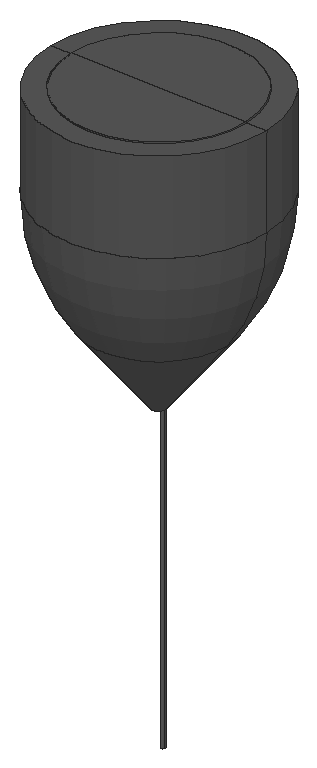
Revit family "Electronics_Desono_Biamp_Two-Way-High-Output-Pendant-Mount-Loudspeaker_DP6", category Communication Devices, host Face, Revit 2020
Family settings
  Host = Face
  Maintain Annotation Orientation = No
  Round Connector Dimension = Use Diameter
  Part Type = Normal
  OmniClass Number = 23.85.10.11.14.14.14
  OmniClass Title = Loudspeakers
  Cut with Voids When Loaded = No
  Shared = No
  Room Calculation Point = No
Parameters (values of type "DP6 B")
  Weight = 11.905 lbf  # constant formula
  URL = "https://www.biamp.com/"
  Transformer Taps = "70V:60W, 30W, 15W, 7.5W and low impedance; 100V:60W, 30W, 15W"  # constant formula
  Sensitivity (1W/1m) = "94 dB SPL (125 Hz to 12.5 kHz 1/3 octave bands) 92 dB SPL (250 Hz to 4 kHz speech range)"  # constant formula
  Safety Cable On [instance] = no
  Recommended Signal Processing = "65 Hz high pass filter"  # constant formula
  Product data url = "https://www.bimobject.com/biamp/product/dp6_desono-pendant"
  Product Page URL = "https://www.biamp.com/products/product-families/desono/pendant-loudspeakers#dp6"
  Product Documentation Link = "https://downloads.biamp.com/assets/docs/default-source/data-sheets/biamp_data_sheet_desono_dp6.pdf"
  Pendant Length [instance] = 1' - 3 191/256"
  Operating Range = "60 Hz - 22 kHz"  # constant formula
  Nominal Impedance = "8 ohms"  # constant formula
  Nominal Coverage = "115º conical (1 kHz to 6 kHz) 125º conical (500 Hz to 6 kHz)"  # constant formula
  Nom Pendant Length [instance] = if(or(Pendant Length < 0' 1", Pendant Length = 0' 1"), 0' 1", if(and(Pendant Length > 0' 1", Pendant Length < 16' 4"), Pendant Length, if(or(Pendant Length > 16' 4", Pendant Length = 16' 4"), 16' 4", 0' 0")))  # 1' - 3 191/256"
  Mounting/Rigging Provisions = "Two PHK-15 pendant hang kits (one for main suspension and one as a safety cable), each including 15ft (4.5m) long 2mm (0.77) high tensile galvanized steel wire rope suspension cables with integrated spring clips for attaching the cable to the loudspeaker bracket and Gripple® brand adjustable height cable fasteners"  # constant formula
  Model = "DP6 B"
  Minimum Impedance = "6.9 ohms @ 210 Hz"  # constant formula
  Min Pendant Length [instance] = 0' - 1"  # constant formula
  Maximum Output = "114 dB SPL / 120 dB SPL (peak 8 ohm)"  # constant formula
  Max Pendant Length [instance] = 16' - 4"  # constant formula
  Max Input Ratings (8 ohm) = "100W continuous, 250W program 28 volts RMS, 63 volts momentary peak"  # constant formula
  Manufacturer = "Biamp"  # constant formula
  Loudspeaker Type = "Two-way, full-range, coaxial pendant mount loudspeaker, 8 ohm or 70V/100V operation"  # constant formula
  Input Connection = "Two 2-position Euroblock connectors"  # constant formula
  Housing Material = Biamp - Plastic - Black
  Height = 1' - 2.73228"  # constant formula
  Grill Material = Biamp - Plastic - Black(Grid)
  Frequency Response = "80 Hz - 20 kHz (± 5dB)"  # constant formula
  Enclosure = "UL 94V-0 rated ABS plastic, matte finish, paintable"  # constant formula
  Drivers = "LF 1 x 6.5-inch HF 1 x 1-inch exit compression driver "  # constant formula
  Driver Protection = "Self-resetting solid state circuit breaker"  # constant formula
  Distortion - 10% Full Power = "2nd Harmonic: 500Hz-1.74%;2kHz-1.18%;8kHz-0.77% 3rd Harmonic: 500Hz-1.19%;2kHz-0.35%;8kHz-0.04%"  # constant formula
  Diameter = 0' - 11.22047"  # constant formula
  Description = "Desono™ DP6 Two-Way 6.5-Inch High Output Pendant Mount Loudspeaker"  # constant formula
  Default Elevation = 4' - 0"
  Crossover Frequency = "1.2 kHz"  # constant formula
  Controls = "Front-face wattage / low impedance selector switch"  # constant formula
  Connector Description = "Terminal block; Low Impedance 8 ohms, 70/100V operation"  # constant formula
  Bracket Material = Biamp - Metal - Black
  Axial Q / DI = "4.7 / 6.7, 500 Hz to 6 kHz"  # constant formula
Types (2): name | Pendant Length | Nom Pendant Length | Model | Housing Material | Grill Material | Bracket Material
  DP6 W | 1' - 3.74803" | 1' - 3.74803" | "DP6 W" | Biamp - Plastic - White | Biamp - Plastic - White(Grid) | Biamp - Metal - White
  DP6 B | 1' - 3 191/256" | 1' - 3 191/256" | "DP6 B" | Biamp - Plastic - Black | Biamp - Plastic - Black(Grid) | Biamp - Metal - Black
Reference planes (in)
  plane 1 "Center (Front/Back)": y = 0
  plane 2: z = 0
  plane 3 "Center (Left/Right)": x = 0
Forms (in)
  Extrusion 1, solid, material "Biamp - Metal - Black" <- "Bracket Material", visible <- "Safety Cable On"
    sketch origin (-0.10547, 0, 0) x (-1, 0, 0) y (0, -1, 0)
      loop
        circle (0.11719, 0) r 0.09843
    from 0 to 15.74609
  Revolve 2, solid, material "Biamp - Plastic - Black" <- "Housing Material", detail levels coarse
    sketch origin (-3.83416, 0, 15.74609) x (1, 0, 0) y (0, 0, 1)
      loop
        line (3.83416, 0) -> (3.83416, 14.73228) -> (-1.77608, 14.73228) -> (-1.77608, 9.98563)
        arc (-1.77608, 9.98563) -> (-1.25057, 6.8453) -> (0.2687, 4.04716) r 9.64567
        line (0.2687, 4.04716) -> (3.43069, 0) -> (3.83416, 0)
      axis (3.83416, 0) -> (3.83416, 14.73228)
    angle from 0 to 360
  Sweep 3, void
    path origin (-3.83416, 0, 15.74609) x (1, 0, 0) y (0, 0, 1)
      loop
        line (3.83416, -0.14171) -> (3.83416, 0.0323)
    profile origin (0, 0, 15.69139) x (-1, 0, 0) y (0, -1, 0)
      loop
        circle (0, 0) r 0.11811
  Revolve 4, solid, material "Biamp - Plastic - Black" <- "Housing Material", detail levels medium+fine
    sketch origin (-3.83416, 0, 15.74609) x (1, 0, 0) y (0, 0, 1)
      loop
        line (3.83416, 0) -> (3.83416, 14.33858) -> (-0.6934, 14.33858) -> (-0.6934, 14.73228) -> (-1.77608, 14.73228) -> (-1.77608, 9.98563)
        arc (-1.77608, 9.98563) -> (-1.25057, 6.8453) -> (0.2687, 4.04716) r 9.64567
        line (0.2687, 4.04716) -> (3.43069, 0) -> (3.83416, 0)
      axis (3.83416, 0) -> (3.83416, 14.73228)
    angle from 0 to 360
  Revolve 5, solid, material "Biamp - Plastic - Black(Grid)" <- "Grill Material", detail levels medium+fine
    sketch origin (-3.83416, 0, 15.74609) x (1, 0, 0) y (0, 0, 1)
      loop
        line (3.83416, 14.33858) -> (3.83416, 14.76772) -> (-0.6934, 14.76772) -> (-0.6934, 14.33858) -> (3.83416, 14.33858)
      axis (3.83416, 14.33858) -> (3.83416, 14.76772)
    angle from 0 to 360
  Extrusion 6, solid, material "Biamp - Metal - Black" <- "Bracket Material"
    sketch origin (0.10547, 0, 0) x (1, 0, 0) y (0, 1, 0)
      loop
        circle (0.11719, 0) r 0.09843
    from 0 to 15.74609
Cuts and joins
  Sweep 3 cuts Revolve 2
  Sweep 3 cuts Revolve 4
Lines and regions (in)
  Masking region 1
    outline origin (0, 0, 0) x (1, 0, 0) y (0, 1, 0)
      loop
        circle (0, 0) r 5.61024
  Masking region 2
    outline origin (-3.83416, 0, 15.74609) x (1, 0, 0) y (0, 0, 1)
      loop
        line (3.93259, 0) -> (3.73574, 0) -> (3.73574, -15.74609) -> (3.93259, -15.74609) -> (3.93259, 0)
  Masking region 3
    outline origin (-3.83416, 0, 15.74609) x (1, 0, 0) y (0, 0, 1)
      loop
        line (-1.77608, 14.73228) -> (-1.77608, 9.88223)
        arc (-1.77608, 9.88223) -> (-1.26693, 6.83967) -> (0.20505, 4.12864) r 9.34538
        line (0.20505, 4.12864) -> (3.43069, 0) -> (4.23763, 0) -> (7.46328, 4.12864)
        arc (7.46328, 4.12864) -> (8.93525, 6.83967) -> (9.4444, 9.88223) r 9.34538
        line (9.4444, 9.88223) -> (9.4444, 14.73228) -> (-1.77608, 14.73228)
  reference lines
    curve 1: line (-3.83416, 0, 15.74609) -> (3.25245, 0, 15.74609)
Dimensions and locks (in)
  "Nom Pendant Length": curve 1 to plane 2
  aligned and locked: plane 2 to host face
  aligned and locked: level to host face
  aligned and locked: Extrusion 1 to curve 1
  aligned and locked: Masking region 2 sketch curve to curve 1
  aligned and locked: Masking region 2 sketch curve to plane 2
  aligned and locked: Extrusion 6 to curve 1
Automatic sketch dimensions
  host sketch curve to host sketch curve = 8' - 0"  (x2)
  plane 1 "Center (Front/Back)" to Extrusion 1 sketch curve = 0' - 0"
  plane 3 "Center (Left/Right)" to Extrusion 1 sketch curve = 0' - 0 57/256"
  Revolve 2 sketch curve to curve 1 = 0' - 0"  (x2)
  Revolve 2 sketch curve to curve 1 = 0' - 1.77608"
  curve 1 to Revolve 2 sketch curve = 0' - 0.2687"
  curve 1 to Revolve 2 sketch curve = 0' - 3.43069"
  Revolve 2 sketch curve to curve 1 = 0' - 3.25245"
  curve 1 to Revolve 2 sketch curve = 0' - 0.78298"
  curve 1 to Revolve 2 sketch curve = 0' - 4.04716"
  curve 1 to Revolve 2 sketch curve = 1' - 2.73228"
  Revolve 2 sketch curve to Revolve 2 sketch curve = 0' - 0"
  Revolve 2 sketch curve to curve 1 = 0' - 3.14961"
  Masking region 1 sketch curve to Masking region 1 sketch curve = 0' - 0"  (x2)
  plane 1 "Center (Front/Back)" to Masking region 1 sketch curve = 0' - 0"
  Masking region 1 sketch curve to plane 3 "Center (Left/Right)" = 0' - 0"
  Masking region 1 sketch curve to Masking region 1 sketch curve = 0' - 5.61024"
  Masking region 2 sketch curve to curve 1 = 0' - 3.35088"
  Masking region 2 sketch curve to Masking region 2 sketch curve = 0' - 0.19685"
  Sweep 3 sketch curve to curve 1 = 0' - 0.0323"
  Sweep 3 sketch curve to curve 1 = 0' - 3.25245"
  curve 1 to Sweep 3 sketch curve = 0' - 0.14171"
  Sweep 3 sketch curve to profile plane = 0' - 0"
  profile plane to Sweep 3 sketch curve = 0' - 0"
  Revolve 4 sketch curve to curve 1 = 0' - 0"  (x2)
  Revolve 4 sketch curve to curve 1 = 0' - 1.77608"
  Revolve 4 sketch curve to curve 1 = 0' - 0.6934"
  curve 1 to Revolve 4 sketch curve = 0' - 0.2687"
  curve 1 to Revolve 4 sketch curve = 0' - 3.43069"
  Revolve 4 sketch curve to curve 1 = 0' - 3.25245"
  curve 1 to Revolve 4 sketch curve = 0' - 0.78298"
  curve 1 to Revolve 4 sketch curve = 0' - 4.04716"
  curve 1 to Revolve 4 sketch curve = 1' - 2.33858"
  Revolve 4 sketch curve to Revolve 4 sketch curve = 0' - 0.3937"
  Revolve 4 sketch curve to Revolve 4 sketch curve = 0' - 0"
  Revolve 4 sketch curve to curve 1 = 0' - 3.14961"
  Revolve 5 sketch curve to curve 1 = 0' - 0"
  Revolve 5 sketch curve to curve 1 = 0' - 0.6934"
  Revolve 5 sketch curve to curve 1 = 0' - 3.25245"  (x2)
  curve 1 to Revolve 5 sketch curve = 1' - 2.33858"
  Revolve 5 sketch curve to Revolve 5 sketch curve = 0' - 0.42913"
  Revolve 5 sketch curve to curve 1 = 0' - 3.14961"
  Masking region 3 sketch curve to curve 1 = 0' - 0"
  Masking region 3 sketch curve to curve 1 = 0' - 1.77608"
  curve 1 to Masking region 3 sketch curve = 0' - 0.09901"
  curve 1 to Masking region 3 sketch curve = 0' - 0.20505"
  curve 1 to Masking region 3 sketch curve = 0' - 3.43069"
  Masking region 3 sketch curve to Masking region 3 sketch curve = 0' - 0.80694"
  curve 1 to Masking region 3 sketch curve = 0' - 0.37666"
  curve 1 to Masking region 3 sketch curve = 0' - 0.48269"
  curve 1 to Masking region 3 sketch curve = 0' - 2.35778"
  curve 1 to Masking region 3 sketch curve = 0' - 4.12864"  (x2)
  curve 1 to Masking region 3 sketch curve = 1' - 2.73228"
  plane 1 "Center (Front/Back)" to Extrusion 6 sketch curve = 0' - 0"
  plane 3 "Center (Left/Right)" to Extrusion 6 sketch curve = 0' - 0 57/256"
  curve 1 to plane 3 "Center (Left/Right)" = 0' - 3.83416"
  plane 3 "Center (Left/Right)" to curve 1 = 0' - 3.25245"
  radius of Extrusion 1 sketch curve = 0' - 0.09843"
  radius of Sweep 3 sketch curve = 0' - 0.11811"
  radius of Extrusion 6 sketch curve = 0' - 0.09843"
Connectors (in)
  electrical at (0, 0, 15.7784), driven by "Connector Description"
    settings: on cut or joined group of Revolve 2, Sweep 3, index 1, voltage 0 V, apparent load 0 VA, apparent load phase1 0 VA, apparent load phase2 0 VA, apparent load phase3 0 VA, power factor 1, load classification "Other", number of poles 1, system type 5, power factor state 1, is connector primary yes, connector utility no, sub classification motor no, connector description "Terminal block; Low Impedance 8 ohms, 70/100V operation"
